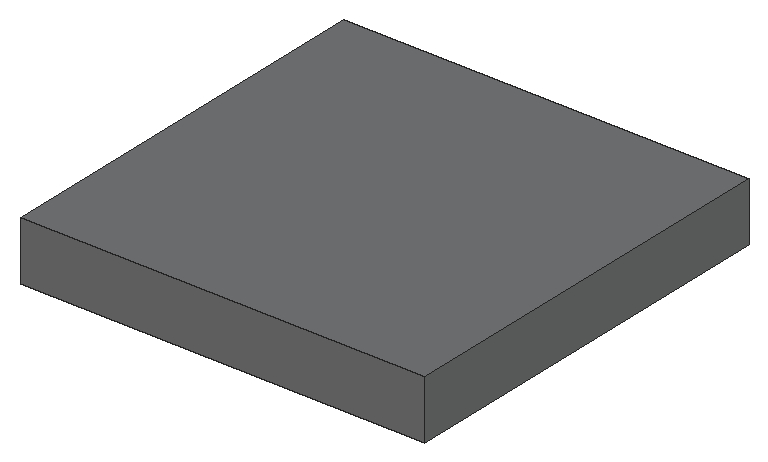
Revit family "Gira_087628", category Electrical Fixtures, host Face, Revit 2017
Family settings
  Host = Face
  Maintain Annotation Orientation = No
  Round Connector Dimension = Use Diameter
  Part Type = Normal
  Cut with Voids When Loaded = No
  Shared = No
  Room Calculation Point = No
Parameters (values of type "Abd. BSF TAE USB System 55 Anthrazit")
  Zusammenstellung = "Zentralplatte"
  Werkstoffgüte = "sonstige"
  Werkstoff = "Kunststoff"
  Verwendung = "TAE"
  URL = "http://katalog.gira.de/de_DE/datenblatt.html?artikelnr=087628"
  Transparent = "No"
  Tragring = "No"
  Region = "DE"
  Oberfläche = "sonstige"
  Name = "Abd. BSF TAE USB System 55 Anthrazit"
  Montageart = "unter Putz"
  Mit Zugentlastung = "No"
  Mit Staubschutz = "No"
  Mit Klappdeckel = "No"
  Mit Aufdruck = "No"
  Manufacturer URL = "https://www.gira.de/"
  Lüsterklemme = "No"
  Keynote = "Sys55_Abdeckung_Schalten und Tasten"
  HeinzeBIM = "https://bimportal.heinze.de/bim/abd-bsf-tae-usb-system-55-anthrazit/26708767790eba5ee6c606b9cb595c6b5d5108af"
  Halogenfrei = "Yes"
  HAN = "087628"
  Geeignet für Schutzart (IP) = "IP20"
  GTIN = "4010337876281"
  Farbe = "anthrazit"
  Default Elevation = 1219.2 mm
  Data sheet (1) = "https://katalog.gira.de/de_DE/download.html?artikelnr=087628"
  Category = "Einsatz/Abdeckung für Kommunikationstechnik"
  Beschriftungsfeld = "mit Beschriftungsfeld"
  Befestigungsart = "Befestigung mit Schraube"
  Available = "Yes"
  Ausführung der Oberfläche = "nicht zutreffend"
  Anthrazit [instance] = Anthrazit
Reference planes
  plane 1 "Center (Front/Back)": y = 0
  plane 2: z = 0
  plane 3 "Center (Left/Right)": x = 0
Forms (mm)
  Extrusion 1, solid, material "Anthrazit" <- "Anthrazit", detail levels fine
    sketch origin (0, 0, 0) x (1, 0, 0) y (0, 1, 0)
      loop
        line (-27.5, 27.5) -> (-27.5, -27.5) -> (27.5, -27.5) -> (27.5, 27.5) -> (-27.5, 27.5)
    from 0 to 8
  Extrusion 2, void
    sketch origin (0, 0, 0) x (1, 0, 0) y (0, 1, 0)
      loop
        line (26, 26) -> (-26, 26) -> (-26, -26) -> (26, -26) -> (26, 26)
    from 0 to 6
  Extrusion 3, solid, material "Anthrazit" <- "Anthrazit", detail levels medium
    sketch origin (0, 0, 0) x (1, 0, 0) y (0, 1, 0)
      loop
        line (-27.5, 27.5) -> (-27.5, -27.5) -> (27.5, -27.5) -> (27.5, 27.5) -> (-27.5, 27.5)
    from 0 to 8
  Extrusion 4, solid, material "Anthrazit" <- "Anthrazit", detail levels medium
    sketch origin (0, 0, 0) x (1, 0, 0) y (0, 1, 0)
      loop
        line (11, -17.5) -> (11, 17.5) -> (-11, 17.5) -> (-11, -17.5) -> (11, -17.5)
    from -6 to 6
  Extrusion 5, solid, material "Anthrazit" <- "Anthrazit", detail levels fine
    sketch origin (0, 0, 0) x (1, 0, 0) y (0, 1, 0)
      loop
        line (11, 17.5) -> (-11, 17.5) -> (-11, 16.5) -> (11, 16.5) -> (11, 17.5)
      loop
        line (-11, -16.5) -> (-11, -17.5) -> (11, -17.5) -> (11, -16.5) -> (-11, -16.5)
    from -4 to 6
  Extrusion 6, solid, material "Anthrazit" <- "Anthrazit", detail levels fine
    sketch origin (0, 0, 0) x (1, 0, 0) y (0, 1, 0)
      loop
        arc (5, 9.347) -> (0, 10.6) -> (-5, 9.347) r 10.6
        line (-5, 9.347) -> (-5, -9.347)
        arc (-5, -9.347) -> (0, -10.6) -> (5, -9.347) r 10.6
        line (5, -9.347) -> (5, 9.347)
    from -6 to 6
  Extrusion 7, solid, material "Anthrazit" <- "Anthrazit", detail levels coarse
    sketch origin (0, 0, 0) x (1, 0, 0) y (0, 1, 0)
      loop
        line (-27.5, 27.5) -> (-27.5, -27.5) -> (27.5, -27.5) -> (27.5, 27.5) -> (-27.5, 27.5)
    from -6 to 8
Cuts and joins
  Extrusion 2 cuts Extrusion 1
Dimensions and locks
  aligned and locked: plane 2 to host face
  aligned and locked: level to host face
